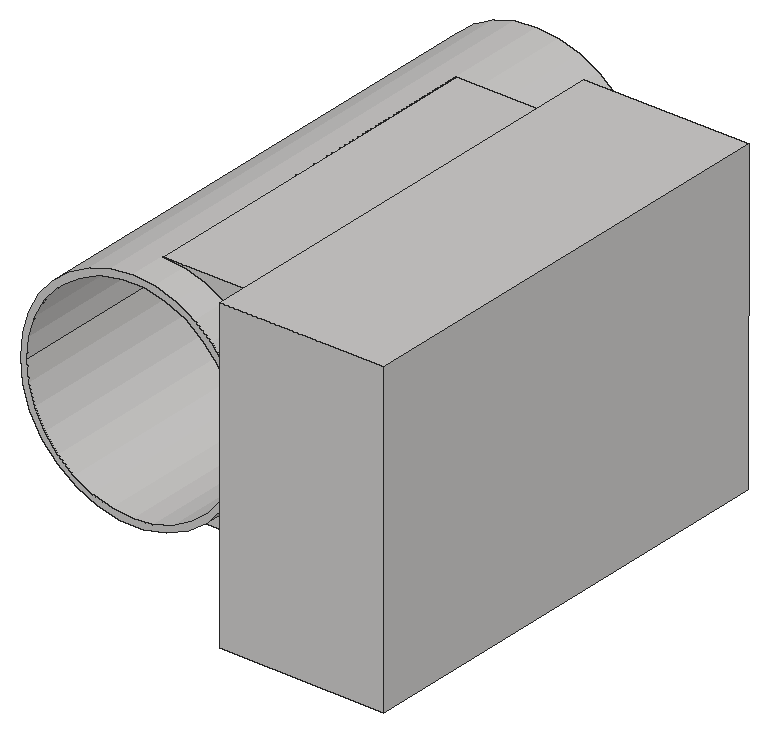
Revit family
Parameters
  Unit Weight = "21.0 lbs"
  URL = "http://www.titus-hvac.com/"
  Static Pressure [instance] = 0.00 in-wg
  Nominal Width = 1' - 4"
  Nominal Length = 1' - 10"
  Nominal Inlet Size = 0' - 9"
  Nominal Inlet Length = 1' - 8"
  Nominal Height = 1' - 0 1/4"
  Model = "DECV"
  Min. Air Flow = 0 CFM
  Max. Air Flow = 1050 CFM
  Material = Steel
  Manufacturer = "Titus"
  Inlet Radius = 0' - 4 7/16"
  Inlet Opening Radius = 0' - 4 3/16"
  Inlet Offset = 0' - 4"
  Inlet Extrusion Radius = 0' - 4 7/16"
  Inlet Diameter = 0' - 8 7/8"
  Inlet = Duct D / 2  # 0' - 4 7/16"
  Duct D = 0' - 8 7/8"
  Design Air Flow [instance] = 0 CFM
  Description = "Digital Control Terminal Unit, Retrofit, Variable Volume"
  Control Box Offset = 0' - 5 1/16"
  CADworks URL = "www.CADworks.net"
  Assembly Code = "D3040100"
Reference planes (in)
  plane 1 "Center (Front/Back)": y = 0
  plane 2: z = 0
  plane 3 "Center (Left/Right)": x = 0
  plane 4: y = 6
  plane 5: y = 10
  plane 6: y = -10
  plane 7: x = 5.0625
  plane 8: y = -12
  plane 9: z = 6.125
  plane 10: z = -6.125
  plane 11: x = 11.5625
  plane 12: x = -4.4375
Forms (in)
  Extrusion 1, solid, material "Steel" <- "Material"
    sketch origin (0, -8.5, 0) x (1, 0, 0) y (0, 0, 1)
      loop
        circle (0, 0) r 4.4375
    from -18.5 to 1.5
  Extrusion 2, solid, material "Steel" <- "Material"
    sketch origin (4.29125, 6, 3.56775) x (1, 0, 0) y (0, 0, 1)
      loop
        line (0.77125, 2.55725) -> (0.77125, -9.69275) -> (7.27125, -9.69275) -> (7.27125, 2.55725) -> (0.77125, 2.55725)
    from 0 to 18
  Extrusion 3, solid, material "Steel" <- "Material"
    sketch origin (0, 10, 0) x (-1, 0, 0) y (0, 0, -1)
      loop
        line (-5.0625, 4.4375) -> (-5.0625, -4.4375) -> (0, -4.4375)
        arc (0, -4.4375) -> (-4.4375, 0) -> (0, 4.4375) r 4.4375
        line (0, 4.4375) -> (-5.0625, 4.4375)
    from 4 to 18.5
  Extrusion 4, void
    sketch origin (0, -10, 0) x (1, 0, 0) y (0, 0, -1)
      loop
        circle (0, 0) r 4.1875
    from 0 to 24
Cuts and joins
  Extrusion 4 cuts Extrusion 1
  Extrusion 4 cuts Extrusion 3
Dimensions and locks (in)
  "Inlet Offset": plane 5 to plane 4
  locked: cut or joined group of Extrusion 1, Extrusion 4 to plane 5 at 0
  "Nominal Inlet Length": cut or joined group of Extrusion 1, Extrusion 4 to cut or joined group of Extrusion 1, Extrusion 4
  equal spacing: cut or joined group of Extrusion 1, Extrusion 4, plane 1 "Center (Front/Back)", cut or joined group of Extrusion 1, Extrusion 4
  "Nominal Inlet Length": plane 6 to plane 5
  equal spacing: plane 6, plane 1 "Center (Front/Back)", plane 5
  locked: Extrusion 2 to Extrusion 2 at 18
  locked: Extrusion 2 sketch curve to Extrusion 2 sketch curve at 6.5
  locked: Extrusion 2 sketch curve to Extrusion 2 sketch curve at 12.25
  Extrusion 2 sketch curve to Extrusion 2 sketch curve = 1' - 0 1/4"
  "Inlet Diameter": Extrusion 3 sketch curve to Extrusion 3 sketch curve
  locked: Extrusion 1 sketch curve to level at 0
  locked: Extrusion 1 sketch curve to plane 3 "Center (Left/Right)" at 0
  "Control Box Offset": plane 7 to plane 3 "Center (Left/Right)"
  "Control Box Offset": plane 3 "Center (Left/Right)" to plane 7
  locked: plane 6 to cut or joined group of Extrusion 3, Extrusion 4 at 1.5
  locked: cut or joined group of Extrusion 3, Extrusion 4 to plane 4 at 0
  equal spacing: cut or joined group of Extrusion 3, Extrusion 4, level, cut or joined group of Extrusion 3, Extrusion 4
  "Inlet Radius": radius of Extrusion 1 sketch curve
  "Inlet Extrusion Radius": radius of Extrusion 3 sketch curve
  "Inlet Opening Radius": radius of Extrusion 4 sketch curve
  aligned and locked: plane 9 to Extrusion 2
  aligned and locked: plane 10 to Extrusion 2
  aligned and locked: plane 3 "Center (Left/Right)" to Extrusion 3 sketch curve
  aligned and locked: plane 3 "Center (Left/Right)" to connector elem
  aligned and locked: connector elem to plane 3 "Center (Left/Right)"
  aligned and locked: plane 3 "Center (Left/Right)" to cut or joined group of Extrusion 3, Extrusion 4  (x3)
  aligned and locked: Extrusion 2 to plane 7
  aligned and locked: plane 7 to cut or joined group of Extrusion 3, Extrusion 4
  aligned and locked: cut or joined group of Extrusion 3, Extrusion 4 to Extrusion 2
Automatic sketch dimensions
  plane 7 to Extrusion 2 sketch curve = 0' - 0"
  Extrusion 2 sketch curve to level = 0' - 6 1/8"
  Extrusion 3 sketch curve to plane 7 = 0' - 0"
  Extrusion 3 sketch curve to level = 0' - 0"
Connectors (in)
  hvac at (0, -10, 0), driven by "Design Air Flow", driven by "Inlet", driven by "Static Pressure"
    settings: on cut or joined group of Extrusion 1, Extrusion 4, index 1
  hvac at (0, 10, 0), driven by "Static Pressure", driven by "Design Air Flow", driven by "Inlet"
    settings: on cut or joined group of Extrusion 1, Extrusion 4, index 2
